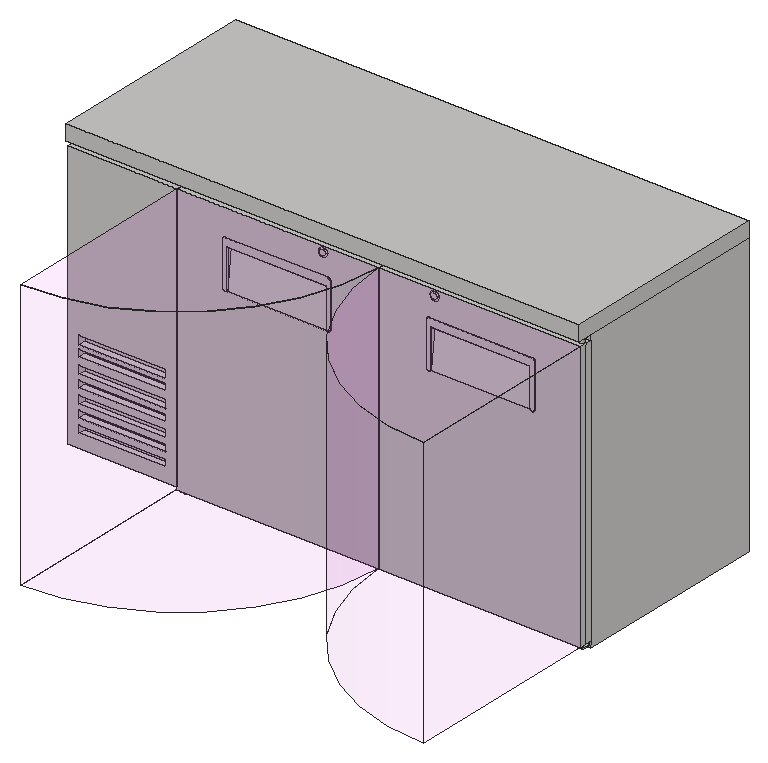
Revit family "QF_True_TBB24-60-2S-Z1-SFT-S-1_Solid_Swing_Door_Back_Bar", category Specialty Equipment, Revit 2021
Family settings
  Round Connector Dimension = Use Diameter
  Part Type = Normal
  Work Plane-Based = No
  Always vertical = Yes
  Cut with Voids When Loaded = No
  Shared = No
  Room Calculation Point = No
Parameters
  Weight in Pounds = 345
  Watts = Volts * FL Amps  # 368 W
  Volts = 115 V
  URL Cutsheet = ""
  Specification by User = ""
  Specification by Manufacturer = ""
  Show Seismic Flanged [instance] = yes
  Show Door Clearance [instance] = yes
  Show Default [instance] = if(or([Show 2" Casters], [Show 3" Casters]), or(or([Show 4" Casters], [Show 5" Casters], [Show 6" Legs]), and([Show 2" Casters], [Show 3" Casters]), and([Show 3" Casters], Show Seismic Flanged)), if(or([Show 4" Casters], [Show 5" Casters]), or(or([Show 6" Legs], Show Seismic Flanged), and([Show 4" Casters], [Show 5" Casters])), if([Show 6" Legs], Show Seismic Flanged, not(Show Seismic Flanged))))  # yes
  Show 6" Legs [instance] = yes
  Show 5" Casters [instance] = yes
  Show 4" Casters [instance] = yes
  Show 3" Casters [instance] = yes
  Show 2" Casters [instance] = yes
  Serial Number = ""
  Seismic Rating = ""
  SMACNA No = ""
  Revision Code = ""
  Phase = 1
  Number of Poles = 1
  NAFEM Spec ID Number = ""
  Model = "TBB24-60-2S-Z1-SFT-S-1"
  Min Ckt Ampacity = 0 A
  Max Overcurrent Protection = 0 A
  Masterspec = ""
  Manufacturer = "True"
  Length = 60 1/32"
  Item Number = ""
  Installed By = ""
  Identify Quantity as Lot = yes
  Height [instance] = Base Height + Body Height  # 34 23/32"
  HP = "1/4"
  Furnished By = ""
  Foodservice Equipment Identifier = yes
  FL Amps = 3.2 A
  Electrical Remarks = ""
  Electric Connection Type = ""
  Elec Conn RI Height = 0"
  Elec Conn Connection Height = 0"
  Door Finish [instance] = QF_Metal_Stainless_Polished
  Description = "Solid Swing Door Back Bar 24\" Depth Single Zone Cooler with Stainless Finished Top and Stainless Exterior"
  Depth = 24 7/8"
  Default Elevation = 0"
  Cycle = 60 Hz
  Counter Top Finish [instance] = QF_Metal_Stainless_Polished
  Conn Plug = "NEMA 5-15P"
  Conn Conduit = yes
  CSI MasterFormat = ""
  Body Height [instance] = 34 23/32"
  Body Finish [instance] = QF_Metal_Stainless_Polished
  Base Height [instance] = if(Show Default, 0", if([Show 2" Casters], 2", if([Show 3" Casters], 3", if([Show 4" Casters], 4", if([Show 5" Casters], 5", if([Show 6" Legs], 6", if(Show Seismic Flanged, 6", 0")))))))  # 0"
  Apparent Power = 0 VA
Reference planes (in)
  plane 1 "BACK": y = 0
  plane 2: z = 0
  plane 3 "LEFT": x = 0
  plane 4 "RIGHT": x = 60.03125
  plane 5 "FRONT": y = -24.875
  plane 6 "TOP": z = 34.71875
  plane 7 "Center Y": x = 30.01563
  plane 8 "Center X": y = -12.4375
  plane 9: z = 0
Dimensions and locks (in)
  equal spacing: plane 3 "LEFT", plane 7 "Center Y", plane 4 "RIGHT"
  "Length": plane 3 "LEFT" to plane 4 "RIGHT"
  equal spacing: plane 5 "FRONT", plane 8 "Center X", plane 1 "BACK"
  "Depth": plane 5 "FRONT" to plane 1 "BACK"
  plane 6 "TOP" to level = 34 23/32"
  "Body Height": plane 6 "TOP" to plane 9
  "Base Height": plane 9 to level
  aligned and locked: level to plane 2
  aligned and locked: nested 1 to plane 9
Nested families (in)
  nested 1: "TBB24-60-2S-Z1-BST-B-1" at (0, 0, 0), Body Finish <- "Body Finish", Counter Top Finishes <- "Counter Top Finish", Door Finish <- "Door Finish", Show Door Clearance <- "Show Door Clearance", type "TBB24-60-2S-Z1-BST-B-1"
    with Show Door Clearance yes, Door Finish QF_Metal_Stainless_Polished, Counter Top Finishes QF_Metal_Stainless_Polished, Body Finish QF_Metal_Stainless_Polished
  nested 2: "Family3" at (2.5, -20.66792, 0), Show 2" Casters <- "Show 2" Casters", Show 3" Casters <- "Show 3" Casters", Show 4" Casters <- "Show 4" Casters", Show 5" Casters <- "Show 5" Casters", Show 6" Legs <- "Show 6" Legs", Show Seismic Flanged <- "Show Seismic Flanged", type "Family3"
    with Show Seismic Flanged yes, Show 6" Legs yes, Show 5" Casters yes, Show 4" Casters yes, Show 3" Casters yes, Show 2" Casters yes
  nested 3: "Family3" at (57.53125, -20.66792, 0), Show 2" Casters <- "Show 2" Casters", Show 3" Casters <- "Show 3" Casters", Show 4" Casters <- "Show 4" Casters", Show 5" Casters <- "Show 5" Casters", Show 6" Legs <- "Show 6" Legs", Show Seismic Flanged <- "Show Seismic Flanged", type "Family3"
    with Show Seismic Flanged yes, Show 6" Legs yes, Show 5" Casters yes, Show 4" Casters yes, Show 3" Casters yes, Show 2" Casters yes
  nested 4: "Family3" at (2.5, -2.91792, 0), Show 2" Casters <- "Show 2" Casters", Show 3" Casters <- "Show 3" Casters", Show 4" Casters <- "Show 4" Casters", Show 5" Casters <- "Show 5" Casters", Show 6" Legs <- "Show 6" Legs", Show Seismic Flanged <- "Show Seismic Flanged", type "Family3"
    with Show Seismic Flanged yes, Show 6" Legs yes, Show 5" Casters yes, Show 4" Casters yes, Show 3" Casters yes, Show 2" Casters yes
  nested 5: "Family3" at (57.53125, -2.91792, 0), Show 2" Casters <- "Show 2" Casters", Show 3" Casters <- "Show 3" Casters", Show 4" Casters <- "Show 4" Casters", Show 5" Casters <- "Show 5" Casters", Show 6" Legs <- "Show 6" Legs", Show Seismic Flanged <- "Show Seismic Flanged", type "Family3"
    with Show Seismic Flanged yes, Show 6" Legs yes, Show 5" Casters yes, Show 4" Casters yes, Show 3" Casters yes, Show 2" Casters yes
Connectors (in)
  electrical at (5.92159, 0.23047, 18.36709), driven by "Volts", driven by "Watts"
    settings: on nested 1, index 1, voltage 115 V, apparent load 368 VA, apparent load phase1 0 VA, apparent load phase2 0 VA, apparent load phase3 0 VA, power factor 1, load classification "Other", number of poles 1, system type 30, power factor state 1, is connector primary yes, connector utility no, sub classification motor no, connector description "ELECTRICAL CONNECTION"
Definition of nested family "TBB24-60-2S-Z1-BST-B-1"
  Parameters (values of type "TBB24-60-2S-Z1-BST-B-1")
    Weight in Pounds = 0
    URL Cutsheet = ""
    Specification by User = ""
    Specification by Manufacturer = ""
    Show Door Clearance [instance] = yes
    Serial Number = ""
    Seismic Rating = ""
    SMACNA No = ""
    Revision Code = ""
    NAFEM Spec ID Number = ""
    Masterspec = ""
    Length = 60 1/32"
    Item Number = ""
    Installed By = ""
    Identify Quantity as Lot = yes
    Height = 34 23/32"
    Furnished By = ""
    Foodservice Equipment Identifier = yes
    Door Finish [instance] = none
    Depth = 24 7/8"
    Default Elevation = 0"
    Counter Top Finishes [instance] = none
    CSI MasterFormat = ""
    Body Finish [instance] = none
  Reference planes (in)
    plane 1 "BACK": y = 0
    plane 2: z = 0
    plane 3 "LEFT": x = 0
    plane 4 "RIGHT": x = 60.03125
    plane 5 "FRONT": y = -24.875
    plane 6 "TOP": z = 34.71875
    plane 7 "Center Y": x = 30.01563
    plane 8 "Center X": y = -12.4375
    plane 9: y = -47.59375
    plane 10: z = 0.6875
    plane 11: z = 32.9375
    plane 12: z = 2.0625
    plane 13: y = -21.41792
    plane 14: z = 0.33506
    plane 15: z = 23.55589
    plane 16: x = 36.40899
    plane 17: x = 12.78399
  Forms (in)
    Extrusion 1, solid, material <- "Counter Top Finishes"
      sketch origin (0, 0, 0) x (1, 0, 0) y (0, 0, 1)
        loop
          line (0, 34.71875) -> (0, 32.9375) -> (60.03125, 32.9375) -> (60.03125, 34.71875) -> (0, 34.71875)
      from 0 to 24.875
    Extrusion 2, solid, material <- "Body Finish"
      sketch origin (0, 0, 0) x (0, 1, 0) y (0, 0, 1)
        loop
          line (0, 32.9375) -> (-23.09422, 32.9375) -> (-23.09422, 0) -> (0, 0) -> (0, 32.9375)
      from 0 to 60.03125
    Extrusion 3, solid, material <- "Door Finish"
      sketch origin (0, -23.09422, 35.99786) x (0, 0, 1) y (1, 0, 0)
        loop
          line (-3.72284, 18.35291) -> (-3.72284, 35.99891) -> (-35.31036, 35.99891) -> (-35.31036, 18.35291) -> (-3.72284, 18.35291)
        loop
          line (-4.22284, 19.79188) -> (-4.22284, 35.35291) -> (-33.93536, 35.35291) -> (-33.93536, 19.79188) -> (-4.22284, 19.79188)
      from 0 to -0.66955
    Extrusion 4, solid, material <- "Body Finish"
      sketch origin (0, -23.09422, 32.9375) x (0, 0, -1) y (1, 0, 0)
        loop
          line (0.66249, 0) -> (31.95758, 0) -> (31.95758, 12.78399) -> (0.66249, 12.78399) -> (0.66249, 0)
      from 0 to 1.50548
    Extrusion 5, void
      sketch origin (0, -24.5997, 32.9375) x (0, 0, 1) y (1, 0, 0)
        loop
          line (-20.06297, 1.27626) -> (-20.06297, 11.45734) -> (-21.06297, 11.45734) -> (-21.06297, 1.27626) -> (-20.06297, 1.27626)
        loop
          line (-21.51705, 1.27626) -> (-21.51705, 11.45734) -> (-22.34419, 11.45734) -> (-22.34419, 1.27626) -> (-21.51705, 1.27626)
        loop
          line (-23.18797, 1.27626) -> (-23.18797, 11.45734) -> (-24.18797, 11.45734) -> (-24.18797, 1.27626) -> (-23.18797, 1.27626)
        loop
          line (-24.76705, 1.27626) -> (-24.76705, 11.45734) -> (-25.59419, 11.45734) -> (-25.59419, 1.27626) -> (-24.76705, 1.27626)
        loop
          line (-26.31297, 1.27626) -> (-26.31297, 11.45734) -> (-27.31297, 11.45734) -> (-27.31297, 1.27626) -> (-26.31297, 1.27626)
        loop
          line (-27.89205, 1.27626) -> (-27.89205, 11.45734) -> (-28.71919, 11.45734) -> (-28.71919, 1.27626) -> (-27.89205, 1.27626)
        loop
          line (-29.51705, 1.27626) -> (-29.51705, 11.45734) -> (-30.34419, 11.45734) -> (-30.34419, 1.27626) -> (-29.51705, 1.27626)
      from 0 to 0.83594
    Extrusion 6, solid
      sketch origin (0, 0, 32.6875) x (0, 0, 1) y (1, 0, 0)
        loop
          arc (-12.59037, 11.27264) -> (-12.81004, 11.80298) -> (-13.34037, 12.02264) r 0.75
          line (-13.34037, 12.02264) -> (-31.375, 12.02264)
          arc (-31.375, 12.02264) -> (-31.90533, 11.80298) -> (-32.125, 11.27264) r 0.75
          line (-32.125, 11.27264) -> (-32.125, 0.75)
          arc (-32.125, 0.75) -> (-31.90533, 0.21967) -> (-31.375, 0) r 0.75
          line (-31.375, 0) -> (-13.34037, 0)
          arc (-13.34037, 0) -> (-12.81004, 0.21967) -> (-12.59037, 0.75) r 0.75
          line (-12.59037, 0.75) -> (-12.59037, 5.19897) -> (-12.14941, 5.19897)
          arc (-12.14941, 5.19897) -> (-11.39941, 5.94897) -> (-12.14941, 6.69897) r 0.75
          line (-12.14941, 6.69897) -> (-12.59037, 6.69897) -> (-12.59037, 11.27264)
      from 0 to 0.03125
    Extrusion 7, solid
      sketch origin (0, 0.03125, 32.6875) x (0, 0, 1) y (1, 0, 0)
        loop
          line (-11.64941, 5.94897) -> (-11.89941, 6.38198) -> (-12.39941, 6.38198) -> (-12.64941, 5.94897) -> (-12.39941, 5.51596) -> (-11.89941, 5.51596) -> (-11.64941, 5.94897)
      from 0 to 0.19922
    Extrusion 8, solid
      sketch origin (0, 0.03125, 32.6875) x (0, 0, 1) y (1, 0, 0)
        loop
          circle (-14.32041, 5.92159) r 0.5
      from 0 to 0.19922
    Blend 9, solid, material <- "Door Finish"
      base sketch origin (48.03125, -24.5997, 0.6875) x (-1, 0, 0) y (0, 0, 1)
        loop
          circle (18.15288, 30.93229) r 0.5
      top sketch origin (48.03125, -24.5997, 0.6875) x (-1, 0, 0) y (0, 0, 1)
        loop
          circle (18.15288, 30.93229) r 0.37406
      from 0 to -0.05551
    Extrusion 10, solid, material <- "Door Finish"
      sketch origin (59.99782, -23.09422, 35.99786) x (0, 0, 1) y (1, 0, 0)
        loop
          line (-3.72284, 0.03343) -> (-35.31036, 0.03343) -> (-35.31036, -23.99891) -> (-3.72284, -23.99891) -> (-3.72284, 0.03343)
        loop
          line (-4.22284, -1.79188) -> (-33.93536, -1.79188) -> (-33.93536, -23.35291) -> (-4.22284, -23.35291) -> (-4.22284, -1.79188)
      from 0 to -0.66955
    Extrusion 11, solid, material <- "Door Finish"
      sketch origin (59.99782, -23.09422, 35.99786) x (0, 0, 1) y (1, 0, 0)
        loop
          line (-3.72284, 0.03343) -> (-35.31036, 0.03343) -> (-35.31036, -23.58883) -> (-3.72284, -23.58883) -> (-3.72284, 0.03343)
      from -1.50548 to -0.66955
    Extrusion 12, solid, material <- "Door Finish"
      sketch origin (0, -23.09422, 35.99786) x (0, 0, 1) y (1, 0, 0)
        loop
          line (-3.72284, 12.78399) -> (-3.72284, 36.40899) -> (-35.31036, 36.40899) -> (-35.31036, 12.78399) -> (-3.72284, 12.78399)
      from -1.50548 to -0.66955
    Revolve 13, solid
      sketch origin (13.18501, -180, 0.6875) x (0, 0, -1) y (0, -1, 0)
        loop
          line (-31.58751, -156.24977) -> (-32.25, -156.24977) -> (-32.25, -156.74977) -> (-32.1201, -156.74977) -> (-32.1201, -156.49977) -> (-31.58751, -156.49977) -> (-31.58751, -156.24977)
        axis (-32.25, -156.24977) -> (-31.58751, -156.24977)
      angle from 0 to 360
    Extrusion 14, solid
      sketch origin (-7.1793, -180.46875, 0.33506) x (-1, 0, 0) y (0, -1, 0)
        loop
          line (-19.96329, -157.37453) -> (-19.96329, -156.39831)
          arc (-19.96329, -156.39831) -> (-20.00622, -156.29467) -> (-20.10986, -156.25173) r 0.14658
          line (-20.10986, -156.25173) -> (-20.51815, -156.25173)
          arc (-20.51815, -156.25173) -> (-20.6014, -156.26829) -> (-20.67197, -156.31545) r 0.21754
          line (-20.67197, -156.31545) -> (-21.51462, -157.1581)
          arc (-21.51462, -157.1581) -> (-21.5421, -157.29627) -> (-21.42497, -157.37453) r 0.12678
          line (-21.42497, -157.37453) -> (-19.96329, -157.37453)
        loop
          line (-67.21055, -157.37453) -> (-65.74886, -157.37453)
          arc (-65.74886, -157.37453) -> (-65.63173, -157.29627) -> (-65.65921, -157.1581) r 0.12678
          line (-65.65921, -157.1581) -> (-66.50186, -156.31545)
          arc (-66.50186, -156.31545) -> (-66.57244, -156.26829) -> (-66.65568, -156.25173) r 0.21754
          line (-66.65568, -156.25173) -> (-67.06397, -156.25173)
          arc (-67.06397, -156.25173) -> (-67.16761, -156.29467) -> (-67.21055, -156.39831) r 0.14658
          line (-67.21055, -156.39831) -> (-67.21055, -157.37453)
      from 0 to 0.0625
    Extrusion 15, solid
      sketch origin (0, -23.09422, 32.9375) x (0, 0, -1) y (1, 0, 0)
        loop
          line (32.60244, 12.78399) -> (32.60244, 14.37246) -> (32.25, 14.37246) -> (32.25, 12.78399) -> (32.60244, 12.78399)
        loop
          line (32.60244, 60.03125) -> (32.25, 60.03125) -> (32.25, 58.44278) -> (32.60244, 58.44278) -> (32.60244, 60.03125)
      from 0 to 0.0625
    Revolve 16, solid
      sketch origin (13.18409, -180.05443, 0.39756) x (0, 0, 1) y (0, 1, 0)
        loop
          line (0.28994, 156.29571) -> (0.28994, 156.48985) -> (0, 156.48985) -> (0, 156.29571) -> (0.28994, 156.29571)
        axis (0.28994, 156.29571) -> (0, 156.29571)
      angle from 0 to 360
    Extrusion 17, solid, material <- "Door Finish"
      sketch origin (0, -24.5997, 35.99786) x (0, 0, -1) y (1, 0, 0)
        loop
          arc (7.19767, 54.72425) -> (6.92975, 54.61327) -> (6.81877, 54.34534) r 0.37891
          line (6.81877, 54.34534) -> (6.81877, 42.41493)
          arc (6.81877, 42.41493) -> (6.92953, 42.14751) -> (7.19695, 42.03675) r 0.37818
          line (7.19695, 42.03675) -> (12.19377, 42.03675)
          arc (12.19377, 42.03675) -> (12.44197, 42.28495) -> (12.19377, 42.53315) r 0.2482
          line (12.19377, 42.53315) -> (8.12997, 42.53315)
          arc (8.12997, 42.53315) -> (7.86204, 42.64413) -> (7.75107, 42.91206) r 0.37891
          line (7.75107, 42.91206) -> (7.75107, 53.78643)
          arc (7.75107, 53.78643) -> (7.86204, 54.05436) -> (8.12997, 54.16534) r 0.37891
          line (8.12997, 54.16534) -> (12.16252, 54.16534)
          arc (12.16252, 54.16534) -> (12.44197, 54.44479) -> (12.16252, 54.72425) r 0.27945
          line (12.16252, 54.72425) -> (7.19767, 54.72425)
        loop
          line (7.19767, 18.09374) -> (12.16252, 18.09374)
          arc (12.16252, 18.09374) -> (12.44197, 18.37319) -> (12.16252, 18.65264) r 0.27945
          line (12.16252, 18.65264) -> (8.12997, 18.65264)
          arc (8.12997, 18.65264) -> (7.86204, 18.76362) -> (7.75107, 19.03155) r 0.37891
          line (7.75107, 19.03155) -> (7.75107, 29.90593)
          arc (7.75107, 29.90593) -> (7.86204, 30.17385) -> (8.12997, 30.28483) r 0.37891
          line (8.12997, 30.28483) -> (12.19377, 30.28483)
          arc (12.19377, 30.28483) -> (12.44197, 30.53304) -> (12.19377, 30.78124) r 0.2482
          line (12.19377, 30.78124) -> (7.19695, 30.78124)
          arc (7.19695, 30.78124) -> (6.92953, 30.67047) -> (6.81877, 30.40306) r 0.37818
          line (6.81877, 30.40306) -> (6.81877, 18.47264)
          arc (6.81877, 18.47264) -> (6.92975, 18.20472) -> (7.19767, 18.09374) r 0.37891
      from 0 to 0.03125
    Extrusion 18, void
      sketch origin (15.67364, -24.5997, 27.86788) x (0, 0, 1) y (0, 1, 0)
        loop
          line (0.37891, -0.24253) -> (0.37891, 0.5) -> (-4.312, 0) -> (-4.312, -0.24253) -> (0.37891, -0.24253)
      from -2.979 to -14.61119
    Extrusion 19, void
      sketch origin (42.53315, -24.5997, 27.86788) x (0, 0, 1) y (0, 1, 0)
        loop
          line (0.37891, -0.24253) -> (0.37891, 0.5) -> (-4.312, 0) -> (-4.312, -0.24253) -> (0.37891, -0.24253)
      from 0 to -11.63219
    Revolve 20, solid
      sketch origin (59.50249, -180, 0.6875) x (0, 0, -1) y (0, 1, 0)
        loop
          line (-31.58751, 156.24977) -> (-31.58751, 156.49977) -> (-32.1201, 156.49977) -> (-32.1201, 156.74977) -> (-32.25, 156.74977) -> (-32.25, 156.24977) -> (-31.58751, 156.24977)
        axis (-32.25, 156.24977) -> (-31.58751, 156.24977)
      angle from 0 to 360
    Revolve 21, solid
      sketch origin (59.50341, -180.05443, 0.39756) x (0, 0, 1) y (0, -1, 0)
        loop
          line (0.28994, -156.29571) -> (0, -156.29571) -> (0, -156.48985) -> (0.28994, -156.48985) -> (0.28994, -156.29571)
        axis (0.28994, -156.29571) -> (0, -156.29571)
      angle from 0 to 360
    Blend 22, solid, material <- "Door Finish"
      base sketch origin (24.78673, -24.5997, 0.6875) x (1, 0, 0) y (0, 0, -1)
        loop
          circle (18.15288, -30.93229) r 0.5
      top sketch origin (24.78673, -24.5997, 0.6875) x (1, 0, 0) y (0, 0, -1)
        loop
          circle (18.15288, -30.93229) r 0.37406
      from 0 to -0.05551
    Extrusion 23, solid, visible <- "Show Door Clearance"
      sketch origin (35.99891, -23.09422, 0.6875) x (0, -1, 0) y (-1, 0, 0)
        loop
          arc (1.50548, -0.40165) -> (17.80154, 6.73411) -> (24.49953, 23.21492) r 23.625
          line (24.49953, 23.21492) -> (1.50548, 23.21492) -> (1.50548, -0.40165)
      from 0 to -31.58751
    Extrusion 24, solid, visible <- "Show Door Clearance"
      sketch origin (35.99891, -23.09422, 0.6875) x (0, -1, 0) y (-1, 0, 0)
        loop
          line (1.50548, -0.41851) -> (1.50548, -24.03508) -> (24.49953, -24.03508)
          arc (24.49953, -24.03508) -> (17.80154, -7.55427) -> (1.50548, -0.41851) r 23.625
      from 0 to -31.58751
  Cuts and joins
    Extrusion 5 cuts Extrusion 2
    Extrusion 5, Extrusion 18 cuts Extrusion 4
    joined: Extrusion 14, Extrusion 15
    Extrusion 18, Extrusion 19 cuts Extrusion 12
    Extrusion 18, Extrusion 19 cuts Extrusion 17
    Extrusion 18, Extrusion 19 cuts Extrusion 11
    Extrusion 18 cuts Extrusion 10
  Lines and regions (in)
    Split face 1
      outline origin (0, 0.03125, 32.6875) x (0, 0, 1) y (1, 0, 0)
        loop
          line (-15.04167, 10.7061) -> (-29.59231, 10.7061) -> (-29.59231, 0.9561) -> (-15.04167, 0.9561) -> (-15.04167, 10.7061)
    Split face 2
      outline origin (60.03125, 0, 0) x (-1, 0, 0) y (0, 0, 1)
        loop
          line (48.03125, 32.9375) -> (48.03125, 0)
        loop
          line (45.65625, 0) -> (45.65625, 32.9375)
        loop
          line (2.75, 32.9375) -> (2.75, 0)
    Split face 3
      outline origin (0, -24.5997, 32.27501) x (-1, 0, 0) y (0, 0, -1)
        loop
          line (-2.26866, 1.36126) -> (-2.26866, 2.86126) -> (-10.19974, 2.86126) -> (-10.19974, 1.36126) -> (-2.26866, 1.36126)
    symbolic lines
      curve 1: line (60.03125, 0, 0) -> (0, 0, 0)
      curve 2: line (0, 0, 0) -> (0, -24.875, 0)
      curve 3: line (0, -24.875, 0) -> (60.03125, -24.875, 0)
      curve 4: line (60.03125, -24.875, 0) -> (60.03125, 0, 0)
    symbolic lines, visible <- "Show Door Clearance"
      curve 5: arc (36.3916, -24.875, 0) -> (35.37053, -30.89617, 0) -> (32.84013, -36.45442, 0) r 23.625
      curve 6: arc (39.97713, -36.45325, 0) -> (37.44726, -30.89551, 0) -> (36.42638, -24.875, 0) r 23.625
      curve 7: line (12.78399, -24.875, 0) -> (32.84013, -36.45442, 0)
      curve 8: line (60.03125, -24.875, 0) -> (39.97713, -36.45325, 0)
  Dimensions and locks (in)
    equal spacing: plane 3 "LEFT", plane 7 "Center Y", plane 4 "RIGHT"
    "Length": plane 3 "LEFT" to plane 4 "RIGHT"
    equal spacing: plane 5 "FRONT", plane 8 "Center X", plane 1 "BACK"
    "Depth": plane 5 "FRONT" to plane 1 "BACK"
    "Height": plane 6 "TOP" to level
    plane 1 "BACK" to plane 9 = 47 19/32"
    plane 10 to level = 11/16"
    plane 5 "FRONT" to plane 1 "BACK" = 24 7/8"
    plane 9 to plane 1 "BACK" = 47 19/32"
    plane 6 "TOP" to plane 11 = 1 25/32"
    plane 5 "FRONT" to plane 9 = 22 23/32"
    aligned and locked: level to plane 2
  Automatic sketch dimensions
    Extrusion 1 sketch curve to plane 3 "LEFT" = 0"
    plane 4 "RIGHT" to Extrusion 1 sketch curve = 0"
    Extrusion 1 sketch curve to plane 11 = 0"
    Extrusion 1 sketch curve to plane 6 "TOP" = 0"
    plane 11 to Extrusion 2 sketch curve = 0"
    Extrusion 2 sketch curve to level = 0"
    Extrusion 2 sketch curve to plane 1 "BACK" = 0"
    Extrusion 2 sketch curve to plane 13 = 1.6763"
    Extrusion 3 sketch curve to plane 10 = 0"
    Extrusion 3 sketch curve to plane 12 = 0"
    plane 11 to Extrusion 3 sketch curve = 1.16249"
    plane 11 to Extrusion 3 sketch curve = 0.66249"
    Extrusion 3 sketch curve to plane 17 = 5.56892"
    Extrusion 3 sketch curve to Extrusion 3 sketch curve = 1.43897"
    plane 16 to Extrusion 3 sketch curve = 1.05608"
    plane 16 to Extrusion 3 sketch curve = 0.41008"
    Extrusion 4 sketch curve to Extrusion 2 = 0"
    Extrusion 4 sketch curve to Extrusion 2 = 0.66249"
    Extrusion 4 sketch curve to Extrusion 2 = 0.97992"
    Extrusion 2 to Extrusion 4 sketch curve = 12.78399"
    Extrusion 4 to Extrusion 5 sketch curve = 1.61339"
    Extrusion 5 sketch curve to Extrusion 5 sketch curve = 0.82714"  (x4)
    Extrusion 5 sketch curve to Extrusion 5 sketch curve = 0.79786"
    Extrusion 5 sketch curve to Extrusion 5 sketch curve = 0.57908"  (x2)
    Extrusion 5 sketch curve to Extrusion 5 sketch curve = 1"  (x3)
    Extrusion 5 sketch curve to Extrusion 5 sketch curve = 0.71878"
    Extrusion 5 sketch curve to Extrusion 5 sketch curve = 0.84378"
    Extrusion 5 sketch curve to Extrusion 5 sketch curve = 0.45408"
    Extrusion 4 to Extrusion 5 sketch curve = 1.27626"  (x2)
    Extrusion 5 sketch curve to Extrusion 5 sketch curve = 0"  (x11)
    Extrusion 4 to Extrusion 5 sketch curve = 1.32665"
    Extrusion 6 sketch curve to Extrusion 2 = 0"
    Extrusion 2 to Extrusion 6 sketch curve = 9/16"
    Extrusion 6 sketch curve to Extrusion 6 sketch curve = 3/4"  (x3)
    Extrusion 6 sketch curve to Extrusion 2 = 13.59037"
    Extrusion 2 to Extrusion 6 sketch curve = 3/4"
    Extrusion 6 sketch curve to Extrusion 6 sketch curve = 0"  (x2)
    Extrusion 6 sketch curve to Extrusion 6 sketch curve = 0.44096"
    Extrusion 6 sketch curve to Extrusion 6 sketch curve = 4.44897"
    Extrusion 6 sketch curve to Extrusion 6 sketch curve = 10.52264"
    Split face 1 sketch curve to Extrusion 6 = 2.53269"
    Split face 1 sketch curve to Extrusion 6 = 2.4513"
    Split face 1 sketch curve to Extrusion 6 = 0.9561"
    Split face 1 sketch curve to Extrusion 6 = 1.31655"
    Extrusion 7 sketch curve to Extrusion 6 = 0.05904"
    Extrusion 6 to Extrusion 7 sketch curve = 0.19096"  (x2)
    Extrusion 7 sketch curve to Extrusion 6 = 0.31699"  (x2)
    Extrusion 7 sketch curve to Extrusion 7 sketch curve = 1/2"  (x2)
    Extrusion 7 sketch curve to Extrusion 7 sketch curve = 1/4"
    Extrusion 7 sketch curve to Extrusion 7 sketch curve = 0.43301"  (x2)
    Extrusion 8 sketch curve to Extrusion 6 = 0.72262"
    Extrusion 8 sketch curve to Extrusion 6 = 1.73005"
    Split face 2 sketch curve to cut or joined group of Extrusion 2, Extrusion 5 = 0"  (x6)
    Split face 2 sketch curve to cut or joined group of Extrusion 2, Extrusion 5 = 2 3/4"
    Split face 2 sketch curve to cut or joined group of Extrusion 2, Extrusion 5 = 14 3/8"
    Split face 2 sketch curve to Split face 2 sketch curve = 2 3/8"
    Blend 9 sketch curve to plane 7 "Center Y" = 0.13726"  (x2)
    plane 11 to Blend 9 sketch curve = 1.31771"  (x2)
    Split face 3 sketch curve to cut or joined group of Extrusion 4, Extrusion 5, Extrusion 18 = 1.2576"
    Split face 3 sketch curve to cut or joined group of Extrusion 4, Extrusion 5, Extrusion 18 = 0.9924"
    Split face 3 sketch curve to cut or joined group of Extrusion 4, Extrusion 5, Extrusion 18 = 1.36126"
    Split face 3 sketch curve to Split face 3 sketch curve = 1 1/2"
    plane 4 "RIGHT" to Extrusion 10 sketch curve = 0"
    Extrusion 10 sketch curve to plane 10 = 0"
    Extrusion 10 sketch curve to plane 12 = 0"
    Extrusion 10 sketch curve to plane 16 = 0.23592"
    plane 11 to Extrusion 10 sketch curve = 1.16249"
    plane 11 to Extrusion 10 sketch curve = 0.66249"
    plane 16 to Extrusion 10 sketch curve = 0.41008"
    plane 4 "RIGHT" to Extrusion 10 sketch curve = 1.82531"
    plane 4 "RIGHT" to Extrusion 11 sketch curve = 0"
    Extrusion 11 sketch curve to plane 10 = 0"
    Extrusion 11 sketch curve to plane 16 = 0"
    plane 11 to Extrusion 11 sketch curve = 0.66249"
    Extrusion 12 sketch curve to plane 10 = 0"
    Extrusion 12 sketch curve to plane 17 = 0"
    Extrusion 12 sketch curve to plane 16 = 0"
    plane 11 to Extrusion 12 sketch curve = 0.66249"
    plane 11 to Revolve 13 sketch curve = 0"  (x2)
    plane 11 to Revolve 13 sketch curve = 0.1299"  (x2)
    Revolve 13 sketch curve to Revolve 13 sketch curve = 0.53259"
    Revolve 13 sketch curve to plane 5 "FRONT" = 1.62477"
    Revolve 13 sketch curve to Revolve 13 sketch curve = 1/4"  (x2)
    Revolve 13 sketch curve to Revolve 13 sketch curve = 0"
    Extrusion 14 sketch curve to plane 4 "RIGHT" = 0"
    Extrusion 14 sketch curve to plane 17 = 0"
    plane 4 "RIGHT" to Extrusion 14 sketch curve = 0.14658"
    Extrusion 14 sketch curve to Extrusion 14 sketch curve = 0.40828"
    Extrusion 14 sketch curve to Extrusion 14 sketch curve = 0.15382"  (x2)
    Extrusion 14 sketch curve to Extrusion 14 sketch curve = 0.90682"
    Extrusion 14 sketch curve to Extrusion 14 sketch curve = 0.08965"  (x2)
    Extrusion 14 sketch curve to plane 17 = 1.55133"
    Extrusion 14 sketch curve to plane 17 = 0.70868"
    Extrusion 14 sketch curve to plane 17 = 0.14658"
    Extrusion 14 sketch curve to plane 13 = 1.6763"  (x2)
    Extrusion 14 sketch curve to Extrusion 14 sketch curve = 0.12678"  (x2)
    Extrusion 14 sketch curve to plane 5 "FRONT" = 0.87552"  (x2)
    Extrusion 14 sketch curve to Extrusion 14 sketch curve = 0.07096"  (x2)
    Extrusion 2 to Extrusion 15 sketch curve = 0"
    Extrusion 15 sketch curve to Extrusion 2 = 11/16"  (x2)
    Extrusion 15 sketch curve to Extrusion 2 = 0.33506"  (x2)
    Extrusion 2 to Extrusion 15 sketch curve = 1.58847"
    Extrusion 2 to Extrusion 15 sketch curve = 14.37246"
    Extrusion 15 sketch curve to Extrusion 15 sketch curve = 1.58847"
    Revolve 16 sketch curve to plane 10 = 0"  (x2)
    plane 14 to Revolve 16 sketch curve = 1/16"
    Revolve 16 sketch curve to plane 5 "FRONT" = 1.11628"
    Revolve 16 sketch curve to Revolve 16 sketch curve = 0.19414"
    Revolve 16 sketch curve to Revolve 16 sketch curve = 0.14497"
    Revolve 16 sketch curve to Revolve 16 sketch curve = 0"
    Extrusion 17 sketch curve to Extrusion 12 = 3.09593"  (x2)
    Extrusion 17 sketch curve to Extrusion 17 sketch curve = 0.37818"  (x2)
    Extrusion 17 sketch curve to Extrusion 17 sketch curve = 97/256"  (x6)
    Extrusion 17 sketch curve to Extrusion 17 sketch curve = 0.55339"  (x2)
    Extrusion 17 sketch curve to Extrusion 17 sketch curve = 4.03255"  (x2)
    Extrusion 17 sketch curve to Extrusion 17 sketch curve = 4.0638"  (x2)
    Extrusion 17 sketch curve to Extrusion 12 = 5.30975"
    Extrusion 17 sketch curve to Extrusion 17 sketch curve = 0.27945"
    Extrusion 17 sketch curve to Extrusion 12 = 6.50306"
    Extrusion 17 sketch curve to Extrusion 17 sketch curve = 0.49713"
    Extrusion 12 to Extrusion 17 sketch curve = 5.62775"
    Extrusion 17 sketch curve to Extrusion 17 sketch curve = 0.2482"
    Extrusion 17 sketch curve to Extrusion 17 sketch curve = 10.87438"
    Extrusion 17 sketch curve to Extrusion 17 sketch curve = 0.5589"
    Extrusion 18 sketch curve to plane 15 = 0"
    Extrusion 18 sketch curve to plane 5 "FRONT" = 0.03277"
    plane 11 to Extrusion 18 sketch curve = 4.69071"
    Extrusion 18 sketch curve to Extrusion 18 sketch curve = 0.24253"
    Extrusion 18 sketch curve to Extrusion 18 sketch curve = 0.74253"
    Extrusion 19 sketch curve to Extrusion 17 = 0"
    Extrusion 17 to Extrusion 19 sketch curve = 0.2482"
    Extrusion 19 sketch curve to Extrusion 17 = 97/256"
    Extrusion 17 to Extrusion 19 sketch curve = 0.21128"
    Extrusion 17 to Extrusion 19 sketch curve = 1/2"
    plane 11 to Revolve 20 sketch curve = 0"  (x2)
    plane 11 to Revolve 20 sketch curve = 0.1299"  (x2)
    Revolve 20 sketch curve to Revolve 20 sketch curve = 0.53259"
    Revolve 20 sketch curve to plane 5 "FRONT" = 1.12477"
    Revolve 20 sketch curve to Revolve 20 sketch curve = 1/4"  (x2)
    Revolve 20 sketch curve to Revolve 20 sketch curve = 0"
    Revolve 21 sketch curve to plane 10 = 0"  (x2)
    plane 14 to Revolve 21 sketch curve = 1/16"
    Revolve 21 sketch curve to plane 5 "FRONT" = 1.31042"
    Revolve 21 sketch curve to Revolve 21 sketch curve = 0.19414"
    Revolve 21 sketch curve to plane 10 = 0.14497"
    Revolve 21 sketch curve to Revolve 21 sketch curve = 0"
    plane 11 to Blend 22 sketch curve = 1.31771"  (x2)
    Blend 22 sketch curve to plane 16 = 6.53062"  (x2)
    Extrusion 23 sketch curve to Extrusion 11 = 0"
    Extrusion 23 sketch curve to Extrusion 11 = 0.20499"
    Extrusion 11 to Extrusion 23 sketch curve = 22.99405"
    Extrusion 23 sketch curve to Extrusion 11 = 23 5/8"
    Extrusion 11 to Extrusion 24 sketch curve = 0"
    Extrusion 11 to Extrusion 24 sketch curve = 0.00274"
    Extrusion 24 sketch curve to Extrusion 11 = 0.20499"
    Extrusion 11 to Extrusion 24 sketch curve = 22.99405"
    plane 1 "BACK" to curve 1 = 0"
    curve 1 to plane 3 "LEFT" = 0"
    plane 5 "FRONT" to curve 7 = 0"
    curve 7 to plane 17 = 0"
    curve 5 to plane 17 = 0"
    curve 4 to plane 4 "RIGHT" = 0"
    plane 7 "Center Y" to curve 7 = 2.82451"
    curve 8 to plane 16 = 3.56814"
    curve 6 to plane 4 "RIGHT" = 0.00274"
    plane 9 to curve 8 = 11.1405"
    curve 7 to curve 6 = 0.00116"
    curve 5 to plane 5 "FRONT" = 29/32"
    curve 6 to plane 5 "FRONT" = 29/32"
    radius of Extrusion 8 sketch curve = 1/2"
    radius of Blend 9 sketch curve = 1/2"
    radius of Blend 9 sketch curve = 0.37406"
    radius of Blend 22 sketch curve = 1/2"
    radius of Blend 22 sketch curve = 0.37406"
Definition of nested family "Family3"
  Parameters (values of type "Family3")
    Weight in Pounds = 0
    URL Cutsheet = ""
    Specification by User = ""
    Specification by Manufacturer = ""
    Show Seismic Flanged [instance] = yes
    Show 6" Legs [instance] = yes
    Show 5" Casters [instance] = yes
    Show 4" Casters [instance] = yes
    Show 3" Casters [instance] = yes
    Show 2" Casters [instance] = yes
    Serial Number = ""
    Seismic Rating = ""
    SMACNA No = ""
    Revision Code = ""
    NAFEM Spec ID Number = ""
    Masterspec = ""
    Length = 0"
    Item Number = ""
    Installed By = ""
    Identify Quantity as Lot = yes
    Height = 0"
    Furnished By = ""
    Foodservice Equipment Identifier = yes
    Depth = 0"
    Default Elevation = 0"
    CSI MasterFormat = ""
  Reference planes (in)
    plane 1 "BACK": y = 0
    plane 2: z = 0
    plane 3 "LEFT": x = 0
    plane 4 "RIGHT": x = 0
    plane 5 "FRONT": y = 0
    plane 6 "TOP": z = 0
    plane 7 "Center Y": x = 0
    plane 8 "Center X": y = 0
  Dimensions and locks (in)
    equal spacing: plane 3 "LEFT", plane 7 "Center Y", plane 4 "RIGHT"
    "Length": plane 3 "LEFT" to plane 4 "RIGHT"
    equal spacing: plane 5 "FRONT", plane 8 "Center X", plane 1 "BACK"
    "Depth": plane 5 "FRONT" to plane 1 "BACK"
    "Height": plane 6 "TOP" to level
    aligned and locked: level to plane 2
  Nested families (in)
    nested 1: "2 INCHES_CASTER" at (0, 0, 0), 2 Inches Caster <- "Show 2" Casters", type "2 INCHES_CASTER"
      with Type Mark "", Specification by User "", Revision Code "", Item Number "", Installed By "", Identify Quantity as Lot yes, Furnished By "", Foodservice Equipment Identifier yes, 2 Inches Caster yes
    nested 2: "3 INCHES 01_CASTER" at (0, 0, 0), 3 Inches Caster <- "Show 3" Casters", type "3 INCHES 01_CASTER"
      with Type Mark "", Specification by User "", Revision Code "", Item Number "", Installed By "", Identify Quantity as Lot yes, Furnished By "", Foodservice Equipment Identifier yes, 3 Inches Caster yes
    nested 3: "4 INCHES_CASTER" at (0, 0, 0), Show 4 Inches Casters <- "Show 4" Casters", type "4 INCHES_CASTER"
      with Type Mark "", Specification by User "", Show 4 Inches Casters yes, Revision Code "", Item Number "", Installed By "", Identify Quantity as Lot yes, Furnished By "", Foodservice Equipment Identifier yes
    nested 4: "5 INCHES 01_CASTER 2" at (0, 0, 0), Show 5" Casters <- "Show 5" Casters", type "5 INCHES 01_CASTER 2"
      with Type Mark "", Specification by User "", Show 5" Casters yes, Revision Code "", Key Locks no, Item Number "", Installed By "", Identify Quantity as Lot yes, Furnished By "", Foodservice Equipment Identifier yes
    nested 5: "6 INCHES LEGS" at (0, 0, 0), Show 6" Legs <- "Show 6" Legs", type "6 INCHES LEGS"
      with Type Mark "", Status "", Specification by User "", Show Seismic Flanged no, Show 6" Legs yes, Revision Code "", Item Number "", Installed By "", Identify Quantity as Lot yes, Furnished By "", Foodservice Equipment Identifier yes
    nested 6: "6 INCHES LEGS WITH FLANGED" at (0, 0, 0), visible <- "Show Seismic Flanged", Show 6" Seismic Flanged <- "Show Seismic Flanged", type "6 INCHES LEGS WITH FLANGED"
      with Type Mark "", Status "", Specification by User "", Revision Code "", Item Number "", Installed By "", Identify Quantity as Lot yes, Furnished By "", Foodservice Equipment Identifier yes
  Definition of nested family "2 INCHES_CASTER"
    Parameters (values of type "2 INCHES_CASTER")
      Weight = ""
      URL Manufacturer = ""
      URL Cutsheet = ""
      URL = ""
      Type Mark [instance] = ""
      Specification by User [instance] = ""
      Specification by Manufacturer = ""
      Serial Number = ""
      Seismic Rating = ""
      SMACNA No = ""
      Revision Code [instance] = ""
      Omniclass Number and Title = ""
      NAFEM Spec ID Number = ""
      Model = ""
      MasterSpec. = ""
      Manufacturer = ""
      Item Number [instance] = ""
      Installed By [instance] = ""
      Identify Quantity as Lot [instance] = yes
      Furnished By [instance] = ""
      Foodservice Equipment Identifier [instance] = yes
      Description = ""
      Default Elevation = 0"
      CSI MasterFormat = ""
      CSI Master Format = ""
      Assembly Code = ""
      2 Inches Caster [instance] = yes
    Reference planes (in)
      plane 1: z = 0
      plane 2 "RIGHT": x = 0
      plane 3 "FRONT": y = 0
      plane 4 "TOP": z = 2
    Forms (in)
      Revolve 1, solid, visible <- "2 Inches Caster"
        sketch origin (-1.93794, 0.46818, -1.0041) x (1, 0, 0) y (0, 0, 1)
          loop
            line (0.74055, 1.86347) -> (0.74055, 1.78797) -> (0.79055, 1.73797) -> (0.85055, 1.73797) -> (0.85055, 1.6179) -> (1.235, 1.6179) -> (1.235, 1.55055) -> (1.38673, 1.46295) -> (1.4003, 1.3791) -> (1.34375, 1.3791) -> (1.34375, 1.2541) -> (1.375, 1.2541) -> (1.375, 1.0041) -> (2.48438, 1.0041) -> (2.48438, 1.2541) -> (2.51563, 1.2541) -> (2.51563, 1.3791) -> (2.45908, 1.3791) -> (2.47322, 1.46647) -> (2.62438, 1.55374) -> (2.62438, 1.6179) -> (3.04007, 1.6179) -> (3.04007, 1.73797) -> (3.10007, 1.73797) -> (3.15007, 1.78797) -> (3.15007, 1.86347) -> (0.74055, 1.86347)
          axis (0.74055, 1.86347) -> (3.15007, 1.86347)
        angle from 0 to 360
      Extrusion 2, solid, visible <- "2 Inches Caster"
        sketch origin (-1.93794, 1.43296, -3.41527) x (0, 1, 0) y (0, 0, 1)
          loop
            line (-0.64294, 5.3791) -> (-2.21294, 5.3791) -> (-2.21294, 5.24769) -> (-1.37414, 5.24769)
            arc (-1.37414, 5.24769) -> (-0.62115, 5.15851) -> (0.05138, 4.80832) r 2.10495
            line (0.05138, 4.80832) -> (0.12713, 4.91318)
            arc (0.12713, 4.91318) -> (-0.07255, 5.06376) -> (-0.29048, 5.18644) r 1.8753
            line (-0.29048, 5.18644) -> (-0.22239, 5.30423)
            arc (-0.22239, 5.30423) -> (-0.42936, 5.36024) -> (-0.64294, 5.3791) r 1.21859
        from 1.17357 to 2.70231
      Revolve 3, solid, visible <- "2 Inches Caster"
        sketch origin (0, 1.73858, -3.75) x (0, 1, 0) y (0, 0, 1)
          loop
            line (-1.73858, 5.71382) -> (-1.05793, 5.71382) -> (-1.05793, 5.75) -> (-1.73858, 5.75) -> (-1.73858, 5.71382)
          axis (-1.73858, 5.71382) -> (-1.73858, 5.75319)
        angle from 0 to 360
      Extrusion 4, solid, visible <- "2 Inches Caster"
        sketch origin (-1.98481, 1.43296, -1.7541) x (0, 1, 0) y (0, 0, 1)
          loop
            line (-2.21294, 3.71792) -> (-2.21294, 3.58652) -> (-1.94904, 3.58652)
            arc (-1.94904, 3.58652) -> (-1.56115, 3.28048) -> (-1.39241, 2.81612) r 0.90292
            arc (-1.39241, 2.81612) -> (-1.36136, 2.62044) -> (-1.29729, 2.43295) r 1.15385
            arc (-1.29729, 2.43295) -> (-0.94802, 2.21237) -> (-0.6121, 2.45278) r 0.37001
            arc (-0.6121, 2.45278) -> (-0.59625, 2.50123) -> (-0.58446, 2.55082) r 0.61695
            arc (-0.58446, 2.55082) -> (-0.36134, 2.95548) -> (0.05609, 3.15367) r 0.75313
            line (0.05609, 3.15367) -> (0.12713, 3.252)
            arc (0.12713, 3.252) -> (-0.07255, 3.40259) -> (-0.29048, 3.52526) r 1.8753
            line (-0.29048, 3.52526) -> (-0.22239, 3.64306)
            arc (-0.22239, 3.64306) -> (-0.42936, 3.69906) -> (-0.64294, 3.71792) r 1.21859
            line (-0.64294, 3.71792) -> (-2.21294, 3.71792)
        from 2.74918 to 2.90825
      Extrusion 5, solid, visible <- "2 Inches Caster"
        sketch origin (1.98481, 1.43296, -1.7541) x (0, 1, 0) y (0, 0, -1)
          loop
            arc (-0.58446, -2.55082) -> (-0.59625, -2.50123) -> (-0.6121, -2.45278) r 0.61695
            arc (-0.6121, -2.45278) -> (-0.94802, -2.21237) -> (-1.29729, -2.43295) r 0.37001
            arc (-1.29729, -2.43295) -> (-1.36136, -2.62044) -> (-1.39241, -2.81612) r 1.15385
            arc (-1.39241, -2.81612) -> (-1.56115, -3.28048) -> (-1.94904, -3.58652) r 0.90292
            line (-1.94904, -3.58652) -> (-2.21294, -3.58652) -> (-2.21294, -3.71792) -> (-0.64294, -3.71792)
            arc (-0.64294, -3.71792) -> (-0.42936, -3.69906) -> (-0.22239, -3.64306) r 1.21859
            line (-0.22239, -3.64306) -> (-0.29048, -3.52526)
            arc (-0.29048, -3.52526) -> (-0.07255, -3.40259) -> (0.12713, -3.252) r 1.8753
            line (0.12713, -3.252) -> (0.05609, -3.15367)
            arc (0.05609, -3.15367) -> (-0.36134, -2.95548) -> (-0.58446, -2.55082) r 0.75313
        from 2.74918 to 2.90825
    Cuts and joins
      joined: Revolve 1, Extrusion 4, Extrusion 5
    Lines and regions (in)
      symbolic lines, visible <- "2 Inches Caster"
        curve 1: line (0.10651, 1.59133, 0) -> (0.80944, 1.1855, 0)
        curve 2: line (-0.89349, -0.14072, 0) -> (0.10651, 1.59133, 0)
        curve 3: line (-0.19056, -0.54656, 0) -> (-0.89349, -0.14072, 0)
        curve 4: line (0.80944, 1.1855, 0) -> (-0.19056, -0.54656, 0)
    Dimensions and locks (in)
      plane 4 "TOP" to level = 2"  (x2)
      aligned and locked: level to plane 1
  Definition of nested family "3 INCHES 01_CASTER"
    Parameters (values of type "3 INCHES 01_CASTER")
      Weight = ""
      URL Manufacturer = ""
      URL Cutsheet = ""
      URL = ""
      Type Mark [instance] = ""
      Specification by User [instance] = ""
      Specification by Manufacturer = ""
      Serial Number = ""
      Seismic Rating = ""
      SMACNA No = ""
      Revision Code [instance] = ""
      Omniclass Number and Title = ""
      NAFEM Spec ID Number = ""
      Model = ""
      MasterSpec. = ""
      Manufacturer = ""
      Item Number [instance] = ""
      Installed By [instance] = ""
      Identify Quantity as Lot [instance] = yes
      Furnished By [instance] = ""
      Foodservice Equipment Identifier [instance] = yes
      Description = ""
      Default Elevation = 0"
      CSI MasterFormat = ""
      CSI Master Format = ""
      Assembly Code = ""
      3 Inches Caster [instance] = yes
    Reference planes (in)
      plane 1: z = 0
      plane 2 "RIGHT": x = 0
      plane 3 "FRONT": y = 0
      plane 4 "TOP": z = 3
    Forms (in)
      Revolve 1, solid, visible <- "3 Inches Caster"
        sketch origin (-1.93794, 0.56004, -1.0041) x (1, 0, 0) y (0, 0, 1)
          loop
            line (0.74055, 2.11347) -> (0.74055, 2.03797) -> (0.79055, 1.98797) -> (0.85055, 1.98797) -> (0.85055, 1.8679) -> (1.235, 1.8679) -> (1.235, 1.7068) -> (1.36441, 1.63209) -> (1.4003, 1.41035) -> (1.34375, 1.41035) -> (1.34375, 1.28535) -> (1.375, 1.28535) -> (1.375, 1.0041) -> (2.48438, 1.0041) -> (2.48438, 1.28535) -> (2.51563, 1.28535) -> (2.51563, 1.41035) -> (2.45908, 1.41035) -> (2.49553, 1.6356) -> (2.62438, 1.70999) -> (2.62438, 1.8679) -> (3.04007, 1.8679) -> (3.04007, 1.98797) -> (3.10007, 1.98797) -> (3.15007, 2.03797) -> (3.15007, 2.11347) -> (0.74055, 2.11347)
          axis (0.74055, 2.11347) -> (3.15007, 2.11347)
        angle from 0 to 360
      Extrusion 2, solid, visible <- "3 Inches Caster"
        sketch origin (-1.93794, 1.35294, -3.2541) x (0, 1, 0) y (0, 0, 1)
          loop
            line (-0.41094, 5.86793) -> (-0.41094, 6.01276) -> (-2.29494, 6.01276) -> (-2.29494, 5.71244) -> (-1.82301, 5.71244)
            arc (-1.82301, 5.71244) -> (-1.00307, 5.59865) -> (-0.19592, 5.41488) r 9.6332
            arc (-0.19592, 5.41488) -> (0.12646, 5.29481) -> (0.42224, 5.11916) r 1.92059
            line (0.42224, 5.11916) -> (0.51314, 5.245)
            arc (0.51314, 5.245) -> (0.27353, 5.42569) -> (0.01201, 5.5729) r 2.25036
            line (0.01201, 5.5729) -> (0.09371, 5.71426)
            arc (0.09371, 5.71426) -> (-0.15272, 5.81043) -> (-0.41094, 5.86793) r 1.73151
        from 1.17357 to 2.70231
      Revolve 3, solid, visible <- "3 Inches Caster"
        sketch origin (0, 1.73858, -3.25) x (0, 1, 0) y (0, 0, 1)
          loop
            line (-1.73858, 6.25) -> (-1.73858, 6.00866) -> (-0.93293, 6.00866) -> (-0.93293, 6.25) -> (-1.73858, 6.25)
          axis (-1.73858, 6.00866) -> (-1.73858, 6.25)
        angle from 0 to 360
      Extrusion 4, solid, visible <- "3 Inches Caster"
        sketch origin (-1.98481, 1.35294, -1.7541) x (0, 1, 0) y (0, 0, 1)
          loop
            line (-2.29494, 4.51276) -> (-2.29494, 4.21244) -> (-2.2074, 4.21244)
            arc (-2.2074, 4.21244) -> (-1.58796, 3.87196) -> (-1.3103, 3.22193) r 1.0835
            arc (-1.3103, 3.22193) -> (-1.27304, 2.98711) -> (-1.19616, 2.76214) r 1.38462
            arc (-1.19616, 2.76214) -> (-0.77704, 2.49744) -> (-0.37393, 2.78593) r 0.44401
            arc (-0.37393, 2.78593) -> (-0.35491, 2.84407) -> (-0.34077, 2.90358) r 0.74034
            arc (-0.34077, 2.90358) -> (-0.07302, 3.38916) -> (0.4279, 3.62699) r 0.90376
            line (0.4279, 3.62699) -> (0.51314, 3.745)
            arc (0.51314, 3.745) -> (0.27353, 3.92569) -> (0.01201, 4.0729) r 2.25036
            line (0.01201, 4.0729) -> (0.09371, 4.21426)
            arc (0.09371, 4.21426) -> (-0.15272, 4.31043) -> (-0.41094, 4.36793) r 1.73151
            line (-0.41094, 4.36793) -> (-0.41094, 4.51276) -> (-2.29494, 4.51276)
        from 2.74918 to 2.90825
      Extrusion 5, solid, visible <- "3 Inches Caster"
        sketch origin (1.98481, 1.35294, -1.7541) x (0, 1, 0) y (0, 0, -1)
          loop
            line (-2.29494, -4.51276) -> (-0.41094, -4.51276) -> (-0.41094, -4.36793)
            arc (-0.41094, -4.36793) -> (-0.15272, -4.31043) -> (0.09371, -4.21426) r 1.73151
            line (0.09371, -4.21426) -> (0.01201, -4.0729)
            arc (0.01201, -4.0729) -> (0.27353, -3.92569) -> (0.51314, -3.745) r 2.25036
            line (0.51314, -3.745) -> (0.4279, -3.62699)
            arc (0.4279, -3.62699) -> (-0.07302, -3.38916) -> (-0.34077, -2.90358) r 0.90376
            arc (-0.34077, -2.90358) -> (-0.35491, -2.84407) -> (-0.37393, -2.78593) r 0.74034
            arc (-0.37393, -2.78593) -> (-0.77704, -2.49744) -> (-1.19616, -2.76214) r 0.44401
            arc (-1.19616, -2.76214) -> (-1.27304, -2.98711) -> (-1.3103, -3.22193) r 1.38462
            arc (-1.3103, -3.22193) -> (-1.58796, -3.87196) -> (-2.2074, -4.21244) r 1.0835
            line (-2.2074, -4.21244) -> (-2.29494, -4.21244) -> (-2.29494, -4.51276)
        from 2.74918 to 2.90825
    Cuts and joins
      joined: Extrusion 2, Extrusion 4, Extrusion 5
    Lines and regions (in)
      symbolic lines, visible <- "3 Inches Caster"
        curve 1: line (0.1877, 1.65194, 0) -> (0.89063, 1.2461, 0)
        curve 2: line (-1.00175, -0.40823, 0) -> (0.1877, 1.65194, 0)
        curve 3: line (-0.29881, -0.81407, 0) -> (-1.00175, -0.40823, 0)
        curve 4: line (0.89063, 1.2461, 0) -> (-0.29881, -0.81407, 0)
    Dimensions and locks (in)
      plane 4 "TOP" to level = 3"  (x2)
      aligned and locked: level to plane 1
  Definition of nested family "4 INCHES_CASTER"
    Parameters (values of type "4 INCHES_CASTER")
      Weight = ""
      URL Manufacturer = ""
      URL Cutsheet = ""
      URL = ""
      Type Mark [instance] = ""
      Specification by User [instance] = ""
      Specification by Manufacturer = ""
      Show 4 Inches Casters [instance] = yes
      Serial Number = ""
      Seismic Rating = ""
      SMACNA No = ""
      Revision Code [instance] = ""
      Omniclass Number and Title = ""
      NAFEM Spec ID Number = ""
      Model = ""
      MasterSpec. = ""
      Manufacturer = ""
      Item Number [instance] = ""
      Installed By [instance] = ""
      Identify Quantity as Lot [instance] = yes
      Furnished By [instance] = ""
      Foodservice Equipment Identifier [instance] = yes
      Description = ""
      Default Elevation = 0"
      CSI MasterFormat = ""
      CSI Master Format = ""
      Assembly Code = ""
    Reference planes (in)
      plane 1: z = 0
      plane 2 "RIGHT": x = 0
      plane 3 "FRONT": y = 0
      plane 4 "TOP": z = 4
    Forms (in)
      Revolve 1, solid, visible <- "Show 4 Inches Casters"
        sketch origin (-1.93794, 0.83816, -1.0041) x (1, 0, 0) y (0, 0, 1)
          loop
            line (0.74055, 2.5041) -> (3.15007, 2.5041) -> (3.15007, 2.5796) -> (3.10007, 2.6296) -> (3.04007, 2.6296) -> (3.04007, 2.74967) -> (2.62438, 2.74967) -> (2.62438, 2.93884) -> (2.48438, 3.01967) -> (2.45908, 3.17597) -> (2.51563, 3.17597) -> (2.51563, 3.41035) -> (2.48438, 3.41035) -> (2.48438, 4.0041) -> (1.375, 4.0041) -> (1.375, 3.41035) -> (1.34375, 3.41035) -> (1.34375, 3.17597) -> (1.4003, 3.17597) -> (1.37557, 3.02318) -> (1.235, 2.94202) -> (1.235, 2.74967) -> (0.85055, 2.74967) -> (0.85055, 2.6296) -> (0.79055, 2.6296) -> (0.74055, 2.5796) -> (0.74055, 2.5041)
          axis (0.74055, 2.5041) -> (3.15007, 2.5041)
        angle from 0 to 360
      Extrusion 2, solid, visible <- "Show 4 Inches Casters"
        sketch origin (-1.93794, 1.80294, -1.7541) x (0, 1, 0) y (0, 0, 1)
          loop
            line (-3.08794, 5.33423) -> (-3.08794, 5.00584) -> (-2.69466, 5.00584)
            arc (-2.69466, 5.00584) -> (-1.57175, 4.94895) -> (-0.46376, 4.75787) r 9.36411
            arc (-0.46376, 4.75787) -> (-0.05889, 4.58436) -> (0.28335, 4.30705) r 1.60049
            line (0.28335, 4.30705) -> (0.34449, 4.39437)
            arc (0.34449, 4.39437) -> (0.12713, 4.6163) -> (-0.1239, 4.79931) r 1.8753
            line (-0.1239, 4.79931) -> (-0.05749, 4.91421)
            arc (-0.05749, 4.91421) -> (-0.33807, 5.05694) -> (-0.64294, 5.13542) r 1.44292
            line (-0.64294, 5.13542) -> (-0.64294, 5.33423) -> (-3.08794, 5.33423)
        from 1.1267 to 2.74918
      Revolve 3, solid, visible <- "Show 4 Inches Casters"
        sketch origin (0, 2.15543, -2.25) x (0, 1, 0) y (0, 0, 1)
          loop
            line (-2.21793, 6.25) -> (-2.21793, 5.83014) -> (-1.05793, 5.83014) -> (-1.05793, 6.25) -> (-2.21793, 6.25)
          axis (-2.21793, 5.83014) -> (-2.21793, 6.25)
        angle from 0 to 360
      Extrusion 4, solid, visible <- "Show 4 Inches Casters"
        sketch origin (-1.93794, 1.80294, -1.7541) x (0, 1, 0) y (0, 0, 1)
          loop
            line (-3.08794, 5.33423) -> (-3.08794, 5.00584) -> (-2.8913, 5.00584)
            arc (-2.8913, 5.00584) -> (-2.09118, 4.14057) -> (-1.45681, 3.14736) r 6.63355
            arc (-1.45681, 3.14736) -> (-0.85703, 2.75969) -> (-0.4561, 3.35069) r 0.5107
            arc (-0.4561, 3.35069) -> (-0.27092, 3.92503) -> (0.24034, 4.24562) r 0.88136
            line (0.24034, 4.24562) -> (0.34449, 4.39437)
            arc (0.34449, 4.39437) -> (0.12713, 4.6163) -> (-0.1239, 4.79931) r 1.8753
            line (-0.1239, 4.79931) -> (-0.05749, 4.91421)
            arc (-0.05749, 4.91421) -> (-0.33807, 5.05694) -> (-0.64294, 5.13542) r 1.44292
            line (-0.64294, 5.13542) -> (-0.64294, 5.33423) -> (-3.08794, 5.33423)
        from 2.74918 to 2.90825
      Extrusion 5, solid, visible <- "Show 4 Inches Casters"
        sketch origin (1.93794, 1.80294, -1.7541) x (0, 1, 0) y (0, 0, -1)
          loop
            line (-3.08794, -5.33423) -> (-0.64294, -5.33423) -> (-0.64294, -5.13542)
            arc (-0.64294, -5.13542) -> (-0.33807, -5.05694) -> (-0.05749, -4.91421) r 1.44292
            line (-0.05749, -4.91421) -> (-0.1239, -4.79931)
            arc (-0.1239, -4.79931) -> (0.12713, -4.6163) -> (0.34449, -4.39437) r 1.8753
            line (0.34449, -4.39437) -> (0.24034, -4.24562)
            arc (0.24034, -4.24562) -> (-0.27092, -3.92503) -> (-0.4561, -3.35069) r 0.88136
            arc (-0.4561, -3.35069) -> (-0.85703, -2.75969) -> (-1.45681, -3.14736) r 0.5107
            arc (-1.45681, -3.14736) -> (-2.09118, -4.14057) -> (-2.8913, -5.00584) r 6.63355
            line (-2.8913, -5.00584) -> (-3.08794, -5.00584) -> (-3.08794, -5.33423)
        from 2.74918 to 2.90825
    Cuts and joins
      joined: Extrusion 2, Extrusion 4, Extrusion 5
    Lines and regions (in)
      symbolic lines, visible <- "Show 4 Inches Casters"
        curve 1: line (0.28481, 1.83041, 0) -> (1.24556, 1.27572, 0)
        curve 2: line (-1.26206, -0.84886, 0) -> (0.28481, 1.83041, 0)
        curve 3: line (-0.30132, -1.40355, 0) -> (-1.26206, -0.84886, 0)
        curve 4: line (1.24556, 1.27572, 0) -> (-0.30132, -1.40355, 0)
    Dimensions and locks (in)
      plane 4 "TOP" to level = 4"  (x2)
      aligned and locked: level to plane 1
  Definition of nested family "5 INCHES 01_CASTER 2"
    Parameters (values of type "5 INCHES 01_CASTER 2")
      Weight = ""
      URL Manufacturer = ""
      URL Cutsheet = ""
      URL = ""
      Type Mark [instance] = ""
      Specification by User [instance] = ""
      Specification by Manufacturer = ""
      Show 5" Casters [instance] = yes
      Serial Number = ""
      Seismic Rating = ""
      SMACNA No = ""
      Revision Code [instance] = ""
      Omniclass Number and Title = ""
      NAFEM Spec ID Number = ""
      Model = ""
      MasterSpec. = ""
      Manufacturer = ""
      Key Locks [instance] = yes
      Item Number [instance] = ""
      Installed By [instance] = ""
      Identify Quantity as Lot [instance] = yes
      Furnished By [instance] = ""
      Foodservice Equipment Identifier [instance] = yes
      Description = ""
      Default Elevation = 0"
      CSI MasterFormat = ""
      CSI Master Format = ""
      Assembly Code = ""
    Reference planes (in)
      plane 1: z = 0
      plane 2 "RIGHT": x = 0
      plane 3 "FRONT": y = 0
      plane 4 "TOP": z = 5
    Forms (in)
      Revolve 1, solid, visible <- "Show 5" Casters"
        sketch origin (-1.93794, 0.99859, -1.0041) x (1, 0, 0) y (0, 0, 1)
          loop
            line (0.74055, 3.0041) -> (0.74055, 2.9286) -> (0.79055, 2.8786) -> (0.85055, 2.8786) -> (0.85055, 2.75852) -> (1.235, 2.75852) -> (1.235, 2.56618) -> (1.37557, 2.48502) -> (1.49133, 1.76972) -> (1.34375, 1.76972) -> (1.34375, 1.53535) -> (1.375, 1.53535) -> (1.375, 1.0041) -> (2.48438, 1.0041) -> (2.48438, 1.53535) -> (2.51563, 1.53535) -> (2.51563, 1.76972) -> (2.36805, 1.76972) -> (2.48438, 2.48853) -> (2.62438, 2.56936) -> (2.62438, 2.75852) -> (3.04007, 2.75852) -> (3.04007, 2.8786) -> (3.10007, 2.8786) -> (3.15007, 2.9286) -> (3.15007, 3.0041) -> (0.74055, 3.0041)
          axis (0.74055, 3.0041) -> (3.15007, 3.0041)
        angle from 0 to 360
      Extrusion 2, solid, visible <- "Show 5" Casters"
        sketch origin (-1.93794, 1.96337, -0.7541) x (0, 1, 0) y (0, 0, 1)
          loop
            line (-3.37739, 5.33423) -> (-3.37739, 4.92712) -> (-2.49294, 4.92712)
            arc (-2.49294, 4.92712) -> (-1.47209, 4.91752) -> (-0.46376, 4.75787) r 6.92153
            arc (-0.46376, 4.75787) -> (0.14199, 4.53396) -> (0.67481, 4.16904) r 2.62713
            line (0.67481, 4.16904) -> (0.7876, 4.33012)
            arc (0.7876, 4.33012) -> (0.48098, 4.5674) -> (0.13288, 4.73811) r 1.91675
            line (0.13288, 4.73811) -> (0.21197, 4.87494)
            arc (0.21197, 4.87494) -> (-0.1576, 5.02102) -> (-0.54934, 5.08775) r 1.91675
            line (-0.54934, 5.08775) -> (-0.54934, 5.33423) -> (-3.37739, 5.33423)
        from 1.17357 to 2.70231
      Revolve 3, solid, visible <- "Show 5" Casters"
        sketch origin (0, 2.15543, -1.25) x (0, 1, 0) y (0, 0, 1)
          loop
            line (-2.21793, 6.25) -> (-2.21793, 5.83014) -> (-1.05793, 5.83014) -> (-1.05793, 6.25) -> (-2.21793, 6.25)
          axis (-2.21793, 5.83014) -> (-2.21793, 6.25)
        angle from 0 to 360
      Extrusion 4, solid, visible <- "Show 5" Casters"
        sketch origin (-1.98481, 1.96337, -0.7541) x (0, 1, 0) y (0, 0, 1)
          loop
            line (-3.37739, 5.33423) -> (-3.37739, 4.92712) -> (-3.13361, 4.92712)
            arc (-3.13361, 4.92712) -> (-2.12623, 3.92533) -> (-1.55834, 2.62307) r 3.79122
            arc (-1.55834, 2.62307) -> (-0.81477, 2.14247) -> (-0.31772, 2.87515) r 0.63314
            arc (-0.31772, 2.87515) -> (-0.02244, 3.67728) -> (0.68637, 4.15498) r 1.39003
            line (0.68637, 4.15498) -> (0.7876, 4.33012)
            arc (0.7876, 4.33012) -> (0.48098, 4.5674) -> (0.13288, 4.73811) r 1.91675
            line (0.13288, 4.73811) -> (0.21197, 4.87494)
            arc (0.21197, 4.87494) -> (-0.1576, 5.02102) -> (-0.54934, 5.08775) r 1.91675
            line (-0.54934, 5.08775) -> (-0.54934, 5.33423) -> (-3.37739, 5.33423)
        from 2.74918 to 2.90825
      Extrusion 5, solid, visible <- "Show 5" Casters"
        sketch origin (1.98481, 1.96337, -0.7541) x (0, 1, 0) y (0, 0, -1)
          loop
            line (-3.37739, -5.33423) -> (-0.54934, -5.33423) -> (-0.54934, -5.08775)
            arc (-0.54934, -5.08775) -> (-0.1576, -5.02102) -> (0.21197, -4.87494) r 1.91675
            line (0.21197, -4.87494) -> (0.13288, -4.73811)
            arc (0.13288, -4.73811) -> (0.48098, -4.5674) -> (0.7876, -4.33012) r 1.91675
            line (0.7876, -4.33012) -> (0.68637, -4.15498)
            arc (0.68637, -4.15498) -> (-0.02244, -3.67728) -> (-0.31772, -2.87515) r 1.39003
            arc (-0.31772, -2.87515) -> (-0.81477, -2.14247) -> (-1.55834, -2.62307) r 0.63314
            arc (-1.55834, -2.62307) -> (-2.12623, -3.92533) -> (-3.13361, -4.92712) r 3.79122
            line (-3.13361, -4.92712) -> (-3.37739, -4.92712) -> (-3.37739, -5.33423)
        from 2.74918 to 2.90825
      Extrusion 6, solid, visible <- "Key Locks"
        sketch origin (-0.96875, 2.04726, -0.57589) x (0, 1, 0) y (0, 0, -1)
          loop
            line (-2.58496, -2.03961) -> (-1.89213, -2.43961) -> (-1.53273, -2.64711)
            arc (-1.53273, -2.64711) -> (-1.45411, -2.76529) -> (-1.38688, -2.89031) r 1.51617
            arc (-1.38688, -2.89031) -> (-1.13602, -3.13035) -> (-0.79652, -3.20306) r 0.63657
